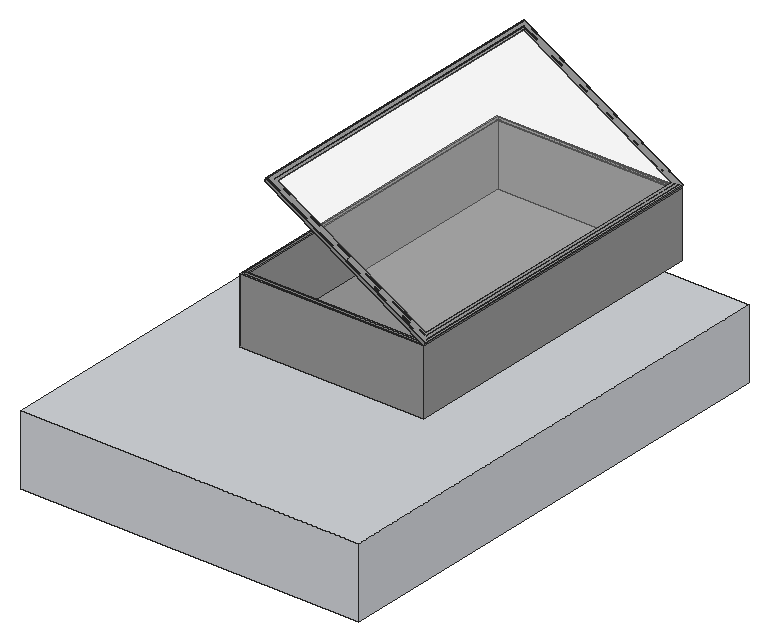
Revit family "Hager-Orion_Inox-IP66-D300-Cl.I-Inox_encl-630A-1400mm-CH-fr", category Equipement électrique, Revit 2020
Family settings
  Hôte = Face
  Configuration du panneau = Deux colonnes, circuits au sein
  Cote de connecteur circulaire = Utiliser le diamètre
  Type d'élément = Tableau de raccordement
  Couper avec des vides une fois chargée = Non
  Partagée = Non
  Point de calcul de pièce = Non
Parameters (values of type "saillie IP66 L800 H1400 P300  - FL049TWL")
  Width Control [instance] = if([EF000008 - largeur] > Min Width, [EF000008 - largeur], Min Width)  # 800 mm
  Commentaires du type = [HG000003 - Gamme]  # "Orion Inox"
  Thickness Door [instance] = if([EF009171 - épaisseur de matériau de la porte/du couvercle] > 3 mm, 3 mm, [EF009171 - épaisseur de matériau de la porte/du couvercle])  # 1.5 mm
  Seal Frame Offset [instance] = 17 mm  # constant formula
  Model = ""
  Min Width [instance] = 100 mm  # constant formula
  Min Height [instance] = 100 mm  # constant formula
  Min Depth [instance] = (2 * [EF009170 - épaisseur de matériau du boîtier]) + 1 mm  # 4 mm
  Internal Frame Depth [instance] = (Door System Depth * 0.5)  # 9 mm
  Height Control [instance] = if([EF000040 - hauteur] > Min Height, [EF000040 - hauteur], Min Height)  # 1400 mm
  HG000027 - Hauteur du socle = 0 mm
  HG000026 - Installation au sol = no
  HG000024 - Hauteur de la section basse = 800 mm
  HG000023 - Armoire double section = no
  HG000016 - Visibilité de la porte 3D [instance] = yes
  HG000015 - Visibilité de l'emprise de la porte [instance] = no
  HG000014 - Porte à droite [instance] = yes
  HG000013 - Porte à gauche [instance] = not([HG000014 - Porte à droite])  # no
  HG000012 - Angle de pivotement de la porte [instance] = 30.00°
  HG000010 - Portes asymétriques = no
  HG000009 - Porte à double battant = no
  HG000006 - Encastré = no
  HG000004 - Référence fabricant = "FL049TWL"
  HG000003 - Gamme = "Orion Inox"
  HG000002 - avec porte = yes
  Frame Offset Bottom [instance] = 10 mm  # constant formula
  Frame Offset [instance] = 15 mm  # constant formula
  EF015940 - couvercle avec décharge de pression = no
  EF011959 - degré de protection (NEMA) = ""
  EF009554 - nombre d'ouvertures pour plaques à bride = 0
  Fabricant = "Hager"  # constant formula
  EF009212 - finition du couvercle = "EV000116 - fermé"
  EF009171 - épaisseur de matériau de la porte/du couvercle = 1.5 mm
  EF009170 - épaisseur de matériau du boîtier = 1.5 mm
  EF008873 - courant nominal (In) = 630 A
  EF007800 - adapté à un parafoudre = no
  EF006306 - avec serrure = yes
  EF006244 - couvercle/porte transparent(e) = yes
  EF005474 - indice de protection (IP) = "EV006422 - IP66"
  EF004464 - type de porte = "EV002646 - unique"
  EF004427 - nombre de modules = 0
  EF004293 - indice de protection contre les chocs (IK) = "EV006814 - IK08"
  EF003532 - convient pour utilisation à l’extérieur = yes
  EF002950 - largeur en nombre de modules = 0
  EF001613 - maintien de fonction = "EV000494 - sans"
  EF001596 - matériau du boîtier/corps = "EV000166 - acier inoxydable"
  EF001131 - profondeur intérieure = 266 mm
  EF001088 - possibilité de montage en saillie = yes
  EF000437 - nombre d'entrées de conduit = 0
  EF000339 - type de capot = "EV004216 - porte"
  EF000266 - nombre de rangées = 0
  EF000218 - profondeur d'encastrement = 0 mm
  EF000118 - avec cadre/support de montage = no
  EF000116 - numéro RAL = ""
  EF000049 - profondeur = 300 mm
  EF000040 - hauteur = 1400 mm
  EF000008 - largeur = 800 mm
  EF000007 - couleur = "EV000154 - autre"
  EF000003 - mode de pose = "EV000384 - saillie"
  Door System Leaf Tolerance [instance] = 1.5 mm  # constant formula
  Door System Depth [instance] = 18 mm  # constant formula
  Depth Control [instance] = if([EF000049 - profondeur] > Min Depth, [EF000049 - profondeur], Min Depth)  # 300 mm
  Default Elevation = 0 mm
Types (4, lengths in mm): name | HG000004 - Référence fabricant | EF006244 - couvercle/porte transparent(e) | EF004293 - indice de protection contre les chocs (IK)
  saillie IP66 L800 H1400 P300  - FL049BW | "FL049BW" | no | "EV008784 - IK10"
  saillie IP66 L800 H1400 P300  - FL049BWL | "FL049BWL" | no | "EV008784 - IK10"
  saillie IP66 L800 H1400 P300  - FL049TW | "FL049TW" | yes | "EV006814 - IK08"
  saillie IP66 L800 H1400 P300  - FL049TWL | "FL049TWL" | yes | "EV006814 - IK08"
Reference planes
  plane 1 "Center (Front/Back)": y = 0
  plane 2: z = 0
  plane 3 "Center (Left/Right)": x = 0
  plane 4: z = 300
  plane 5: y = 1.5
  plane 6: y = 700
  plane 7: y = 0
  plane 8: y = 1400
  plane 9: z = 0
  plane 10: x = -385
  plane 11: x = 385
  plane 12: x = 383.5
  plane 13: x = -383.5
  plane 14: y = 1398.5
  plane 15: x = -383
  plane 16: x = -400
  plane 17: x = 383
  plane 18: x = 400
  plane 19: x = 398.5
  plane 20: x = -398.5
  plane 21: y = 11.5
  plane 22: y = 1400
  plane 23: y = 1383.5
  plane 24: z = 282
  plane 25: z = 1.5
  plane 26: z = 280.5
  plane 27: z = 298.5
Forms (mm)
  Extrusion 1, solid
    sketch origin (0, 0, 0) x (1, 0, 0) y (0, 1, 0)
      loop
        line (-702.964, 1305) -> (-702.964, -811.445) -> (766.763, -811.445) -> (766.763, 1305) -> (-702.964, 1305)
    from 0 to -304.8
  Extrusion 2, solid, material "Hager_Stainless_Steel", detail levels medium+fine
    sketch origin (0, 0, 0) x (1, 0, 0) y (0, 1, 0)
      loop
        line (-400, 0) -> (400, 0) -> (400, 1400) -> (-400, 1400) -> (-400, 0)
    from 0 to 282
  Extrusion 3, solid, material "Hager_Steel_RAL 7035_Light_Grey", not visible, detail levels medium+fine
    sketch origin (0, 28.16, 50.802) x (0, 1, 0) y (0, 0, 1)
      loop
        line (723.34, -50.802) -> (723.34, 237.698)
        arc (723.34, 237.698) -> (720.411, 244.769) -> (713.34, 247.698) r 10
        line (713.34, 247.698) -> (683.34, 247.698) -> (683.34, -50.802) -> (723.34, -50.802)
    from -398.5 to 398.5
  Extrusion 4, void
    sketch origin (0, 0, 0) x (1, 0, 0) y (0, 1, 0)
      loop
        line (-398.5, 1.5) -> (398.5, 1.5) -> (398.5, 1398.5) -> (-398.5, 1398.5) -> (-398.5, 1.5)
    from 1.5 to 280.5
  Extrusion 5, void
    sketch origin (-381.607, -4572, 282) x (0, -1, 0) y (-1, 0, 0)
      loop
        line (-4583.5, 1.893) -> (-5955.5, 1.893) -> (-5955.5, -765.107) -> (-4583.5, -765.107) -> (-4583.5, 1.893)
    from 0 to 1.5 <- "EF009170 - épaisseur de matériau du boîtier"
  Extrusion 6, solid, material "Hager_Stainless_Steel", detail levels fine
    sketch origin (-381.607, -4572, 282) x (-1, 0, 0) y (0, -1, 0)
      loop
        line (1.893, -4583.5) -> (-765.107, -4583.5) -> (-765.107, -5955.5) -> (1.893, -5955.5) -> (1.893, -4583.5)
      loop
        line (2.893, -4582) -> (-766.107, -4582) -> (-766.107, -5957) -> (2.893, -5957) -> (2.893, -4582)
    from 0 to 9 <- "Internal Frame Depth"
  Extrusion 7, solid, material "Hager_Stainless_Steel", detail levels coarse
    sketch origin (0, 0, 0) x (1, 0, 0) y (0, 1, 0)
      loop
        line (-400, 0) -> (400, 0) -> (400, 1400) -> (-400, 1400) -> (-400, 0)
    from 0 to 300
Cuts and joins
  Extrusion 4, Extrusion 5 cuts Extrusion 2
Lines and regions (mm)
  Masking region 1
    outline origin (0, 0, 0) x (1, 0, 0) y (0, 0, 1)
      loop
        line (-400, 300) -> (-400, 0) -> (400, 0) -> (400, 300) -> (-400, 300)
  Masking region 2, detail levels medium+fine
    outline origin (0, 140, 0) x (0, 1, 0) y (0, 0, 1)
      loop
        line (-140, 0) -> (1260, 0) -> (1260, 282) -> (-140, 282) -> (-140, 0)
  Masking region 3, not visible, detail levels medium+fine
    outline origin (0, 297.922, 0) x (0, 1, 0) y (0, 0, 1)
      loop
        line (413.578, 0) -> (453.578, 0) -> (453.578, 288.5)
        arc (453.578, 288.5) -> (450.649, 295.571) -> (443.578, 298.5) r 10
        line (443.578, 298.5) -> (413.578, 298.5) -> (413.578, 0)
  Masking region 4, detail levels coarse
    outline origin (0, 0, 180) x (0, 1, 0) y (0, 0, 1)
      loop
        line (0, -180) -> (1400, -180) -> (1400, 120) -> (0, 120) -> (0, -180)
  Masking region 5
    outline origin (-381.607, -4572, 282) x (-1, 0, 0) y (0, -1, 0)
      loop
        line (18.393, -5972) -> (18.393, -4572) -> (-781.607, -4572) -> (-781.607, -5972) -> (18.393, -5972)
Dimensions and locks
  "Depth Control": plane 4 to Extrusion 1
  "EF009170 - épaisseur de matériau du boîtier": plane 5 to plane 7
  locked: connector elem to plane 3 "Center (Left/Right)"
  equal spacing: plane 8, plane 6, plane 7
  locked: connector elem to plane 6
  "EF009170 - épaisseur de matériau du boîtier": plane 8 to plane 14
  "EF009170 - épaisseur de matériau du boîtier": plane 10 to plane 13
  "EF009170 - épaisseur de matériau du boîtier": plane 12 to plane 11
  "Frame Offset": plane 20 to plane 13
  "Frame Offset": plane 12 to plane 19
  "EF009170 - épaisseur de matériau du boîtier": plane 16 to plane 20
  "EF009170 - épaisseur de matériau du boîtier": plane 19 to plane 18
  "Seal Frame Offset": plane 16 to plane 15
  "Seal Frame Offset": plane 17 to plane 18
  "Frame Offset Bottom": plane 21 to plane 5
  "Frame Offset": plane 14 to plane 23
  equal spacing: plane 16, plane 3 "Center (Left/Right)", plane 18
  "Width Control": plane 16 to plane 18
  "EF009170 - épaisseur de matériau du boîtier": plane 4 to plane 27
  "EF009170 - épaisseur de matériau du boîtier": plane 24 to plane 26
  "EF009170 - épaisseur de matériau du boîtier": plane 25 to level
  "Door System Depth": plane 4 to plane 24
  "Height Control": plane 1 "Center (Front/Back)" to Extrusion 7 sketch curve
  "Height Control": Masking region 4 sketch curve to plane 1 "Center (Front/Back)"
  "Thickness Door": Extrusion 6 sketch curve to plane 15
  "Thickness Door": plane 21 to Extrusion 6 sketch curve
  "Thickness Door": plane 17 to Extrusion 6 sketch curve
  "Thickness Door": Extrusion 6 sketch curve to plane 23
  "Height Control": plane 1 "Center (Front/Back)" to plane 22
  radius of Masking region 3 sketch curve = 10 mm
  radius of Extrusion 3 sketch curve = 10 mm
  aligned and locked: plane 2 to Extrusion 1
  aligned and locked: level to Extrusion 1
  aligned and locked: level to Masking region 1 sketch curve
  aligned and locked: Masking region 1 sketch curve to plane 18
  aligned and locked: Masking region 1 sketch curve to plane 16
  aligned and locked: plane 7 to Masking region 2 sketch curve
  aligned and locked: level to Masking region 3 sketch curve
  aligned and locked: Masking region 3 sketch curve to plane 27
  aligned and locked: level to Masking region 2 sketch curve
  aligned and locked: Extrusion 2 sketch curve to plane 7
  aligned and locked: plane 16 to Extrusion 2 sketch curve
  aligned and locked: plane 18 to Extrusion 2 sketch curve
  aligned and locked: Extrusion 3 sketch curve to level
  aligned and locked: plane 27 to Extrusion 3 sketch curve
  aligned and locked: plane 20 to Extrusion 3
  aligned and locked: plane 19 to Extrusion 3
  aligned and locked: plane 20 to Extrusion 4 sketch curve
  aligned and locked: plane 19 to Extrusion 4 sketch curve
  aligned and locked: Extrusion 4 sketch curve to plane 5
  aligned and locked: Extrusion 4 to plane 25
  aligned and locked: plane 26 to Extrusion 4
  aligned and locked: plane 24 to Extrusion 2
  aligned and locked: Extrusion 5 sketch curve to plane 21
  aligned and locked: Extrusion 5 sketch curve to plane 13
  aligned and locked: Extrusion 5 sketch curve to plane 12
  aligned and locked: plane 18 to Extrusion 7 sketch curve
  aligned and locked: plane 1 "Center (Front/Back)" to Extrusion 7 sketch curve
  aligned and locked: plane 16 to Extrusion 7 sketch curve
  aligned and locked: plane 4 to Extrusion 7
  aligned and locked: Extrusion 7 to level
  aligned and locked: level to Masking region 4 sketch curve
  aligned and locked: Masking region 4 sketch curve to plane 1 "Center (Front/Back)"
  aligned and locked: Masking region 4 sketch curve to plane 4
  aligned and locked: nested 1 to level
  aligned and locked: nested 1 to plane 16
  aligned and locked: plane 8 to Extrusion 2 sketch curve
  aligned and locked: plane 23 to Extrusion 5 sketch curve
  aligned and locked: plane 14 to Extrusion 4 sketch curve
  aligned and locked: Extrusion 6 sketch curve to plane 21
  aligned and locked: plane 13 to Extrusion 6 sketch curve
  aligned and locked: plane 23 to Extrusion 6 sketch curve
  aligned and locked: plane 12 to Extrusion 6 sketch curve
  aligned and locked: Masking region 2 sketch curve to plane 8
  aligned and locked: Masking region 2 sketch curve to plane 24
  aligned and locked: nested 2 to plane 3 "Center (Left/Right)"
  aligned and locked: nested 2 to plane 24
  aligned and locked: Masking region 5 sketch curve to plane 1 "Center (Front/Back)"
  aligned and locked: Masking region 5 sketch curve to plane 18
  aligned and locked: Masking region 5 sketch curve to plane 22
  aligned and locked: Masking region 5 sketch curve to plane 16
  aligned and locked: plane 8 to plane 22
  aligned and locked: plane 7 to plane 1 "Center (Front/Back)"
  aligned and locked: nested 2 to plane 1 "Center (Front/Back)"
Automatic sketch dimensions
  Extrusion 1 sketch curve to Extrusion 1 sketch curve = 1469.727 mm
  Extrusion 1 sketch curve to Extrusion 1 sketch curve = 2116.445 mm
  plane 6 to Masking region 3 sketch curve = 11.5 mm
  Masking region 3 sketch curve to Masking region 3 sketch curve = 30 mm
  plane 6 to Extrusion 3 sketch curve = 11.5 mm
  Extrusion 3 sketch curve to Extrusion 3 sketch curve = 30 mm
  Masking region 1 sketch curve to plane 4 = 0 mm
Nested families
  nested 1: "Hager_Enclosure_Symbol" at (-400, 0, 0) x (1, 0, 0) z (0, -1, 0), Height <- "Depth Control", Width <- "Width Control", type "Hager_Enclosure_Symbol"
    with Width_Ctrl 800 mm, Width 800 mm, Height_Ctrl 300 mm, Height 300 mm, A_Width_Int 19.688 mm, A_Width 236.25 mm, A_Height_Ctrl 262.5 mm, A_Height 262.5 mm
  nested 2: "EC000058_OrionInox_Door" at (0, 1400, 282) x (1, 0, 0) z (0, -1, 0), Leaf_Tolerance <- "Door System Leaf Tolerance", Angle <- "HG000012 - Angle de pivotement de la porte", Door_Depth <- "Door System Depth", Door_Left <- "HG000013 - Porte à gauche", Transparent <- "EF006244 - couvercle/porte transparent(e)", Assymetrical <- "HG000010 - Portes asymétriques", Width <- "Width Control", Clearance <- "HG000015 - Visibilité de l'emprise de la porte", Double <- "HG000009 - Porte à double battant", 3d_Door <- "HG000016 - Visibilité de la porte 3D", Width_Ctrl <- "Width Control", Door_Right <- "HG000014 - Porte à droite", Door <- "HG000002 - avec porte", Height <- "Height Control", Thickness <- "Thickness Door", type "EC000058_OrionInox_Door", detail levels medium+fine
    with min_wh 4 mm, Width_Ctrl 800 mm, Width 800 mm, Transparent yes, Thickness 1.5 mm, Seal_Material Hager_Rubber, Leaf_Width 800 mm, Leaf_Tolerance_External_Sides 0 mm, Leaf_Tolerance 1.5 mm, Leaf_Offset 0 mm, Leaf_Height 1397 mm, Leaf_2_Width 800 mm, Leaf_2_Offset 400 mm, Leaf_1_Width 800 mm, Leaf_1_Offset 400 mm, Height_Ctrl 1400 mm, Height 1400 mm, Glass_Material Hager_Glass, Double_Clearance_Ctrl no, Double no, Door_Right_Ctrl yes, Door_Right yes, Door_Material Hager_Stainless_Steel, Door_Left_Ctrl no, Door_Left no, Door_Depth 18 mm, Door yes, Clearance_Material Hager_Clearance, Clearance_Depth 800 mm, Clearance_Ctrl no, Clearance no, Assymetrical no, Angle 30.00°, 3d_Door yes
Connectors
  electrical at (0, 700, 0)
    settings: on plane 9, index 1, voltage 0 V, apparent load 0 VA, apparent load phase1 0 VA, apparent load phase2 0 VA, apparent load phase3 0 VA, power factor 1, load classification "Other", number of poles 1, system type 30, power factor state 1, is connector primary yes, connector utility no, sub classification motor no, connector description ""
Definition of nested family "EC000058_OrionInox_Door"
  Parameters (values of type "EC000058_OrionInox_Door")
    min_wh [instance] = (2 * Thickness) + 1 mm  # 11 mm
    Width_Ctrl [instance] = 400 mm
    Width [instance] = 500 mm
    Transparent [instance] = yes
    Thickness [instance] = 5 mm
    Seal_Material [instance] = none
    Leaf_Width [instance] = if((Width_Ctrl - 2 * Leaf_Tolerance_External_Sides) > 0 mm, (Width_Ctrl - 2 * Leaf_Tolerance_External_Sides), min_wh)  # 400 mm
    Leaf_Tolerance_External_Sides [instance] = 0 mm  # constant formula
    Leaf_Tolerance [instance] = 1.5 mm
    Leaf_Offset [instance] = 0 mm  # constant formula
    Leaf_Height [instance] = if((Height_Ctrl - 2 * Leaf_Tolerance) > 0 mm, (Height_Ctrl - 2 * Leaf_Tolerance), min_wh)  # 497 mm
    Leaf_2_Width [instance] = if(and(and(Double, Assymetrical), Door_Left), (Leaf_Width / 3) - (Leaf_Tolerance / 2), if(and(and(Double, Assymetrical), Door_Right), (Leaf_Width / 3) * 2 - (Leaf_Tolerance / 2), if(and(Double, not(Assymetrical)), (Leaf_Width / 2) - Leaf_Tolerance, Leaf_Width)))  # 400 mm
    Leaf_2_Offset [instance] = if(and(Double, Assymetrical), Leaf_2_Width / 2, if(and(Double, not(Assymetrical)), Leaf_Width / 4, Leaf_Width / 2))  # 200 mm
    Leaf_1_Width [instance] = if(and(and(Double, Assymetrical), Door_Right), (Leaf_Width / 3) - (Leaf_Tolerance / 2), if(and(and(Double, Assymetrical), Door_Left), (Width / 3) * 2 - (Leaf_Tolerance / 2), if(and(Double, not(Assymetrical)), (Leaf_Width / 2) - Leaf_Tolerance, Leaf_Width)))  # 400 mm
    Leaf_1_Offset [instance] = if(and(Double, Assymetrical), Leaf_1_Width / 2, if(and(Double, not(Assymetrical)), Leaf_Width / 4, Leaf_Width / 2))  # 200 mm
    Height_Ctrl [instance] = if(Height > min_wh, Height, min_wh)  # 500 mm
    Height [instance] = 500 mm
    Glass_Material [instance] = none
    Double_Clearance_Ctrl [instance] = and(Double, Clearance)  # no
    Double [instance] = no
    Door_Right_Ctrl [instance] = and(or(Door_Right, Double), Door)  # yes
    Door_Right [instance] = yes
    Door_Material [instance] = none
    Door_Left_Ctrl [instance] = and(or(Door_Left, Double), Door)  # no
    Door_Left [instance] = no
    Door_Depth [instance] = 30 mm
    Door [instance] = yes
    Default Elevation = 1219.2 mm
    Clearance_Material [instance] = none
    Clearance_Depth [instance] = if(Leaf_1_Width > Leaf_2_Width, Leaf_1_Width, Leaf_2_Width)  # 400 mm
    Clearance_Ctrl [instance] = and(not(Double), Clearance)  # yes
    Clearance [instance] = yes
    Assymetrical [instance] = yes
    Angle [instance] = 30.00°
    3d_Door [instance] = yes
  Reference planes
    plane 1 "Center (Front/Back)": y = 0
    plane 2 "Bottom": z = 0
    plane 3 "Center (Left/Right)": x = 0
    plane 4: z = 500
    plane 5: x = -200
    plane 6: x = 200
    plane 7: z = 500
    plane 8: x = -200
    plane 9: z = 0
    plane 10: x = 200
    plane 11: y = 0
    plane 12: z = 1.5
    plane 13: x = -600
    plane 14: y = -400
    plane 15: x = 600
    plane 16: x = 0
    plane 17: x = 0
    plane 18: x = -200
    plane 19: x = 200
    plane 20: z = 498.5
  Forms (mm)
    Extrusion 1, solid, material <- "Clearance_Material", visible <- "Double_Clearance_Ctrl"
      sketch origin (1200, 0, 0) x (1, 0, 0) y (0, 0, -1)
        loop
          line (-1800, -498.5) -> (-600, -498.5) -> (-600, 0) -> (-1800, 0) -> (-1800, -498.5)
      from 0 to -400
  Dimensions and locks
    equal spacing: plane 5, plane 3 "Center (Left/Right)", plane 6
    "Width_Ctrl": plane 5 to plane 6
    "Leaf_Offset": plane 5 to plane 8
    "Leaf_Offset": plane 6 to plane 10
    "Leaf_Offset": plane 9 to level
    "Leaf_Offset": plane 4 to plane 7
    "Height_Ctrl": plane 4 to level
    "Leaf_Tolerance": plane 12 to plane 9
    locked: plane 11 to plane 1 "Center (Front/Back)"
    "Leaf_1_Offset": plane 18 to plane 16
    "Leaf_2_Offset": plane 17 to plane 19
    "Leaf_1_Width": plane 13 to plane 8
    "Leaf_2_Width": plane 10 to plane 15
    "Clearance_Depth": plane 14 to plane 1 "Center (Front/Back)"
    "Leaf_Tolerance_External_Sides": plane 8 to plane 18
    "Leaf_Tolerance_External_Sides": plane 19 to plane 10
    "Leaf_Tolerance": plane 7 to plane 20
    aligned and locked: level to plane 2 "Bottom"
    aligned and locked: nested 1 to plane 16
    aligned and locked: nested 2 to plane 17
    aligned and locked: Extrusion 1 to plane 13
    aligned and locked: plane 15 to Extrusion 1
    aligned and locked: Extrusion 1 to plane 14
    aligned and locked: plane 12 to nested 1
    aligned and locked: nested 2 to plane 12
    aligned and locked: Extrusion 1 to plane 11
    aligned and locked: plane 20 to Extrusion 1
    aligned and locked: nested 2 to plane 11
    aligned and locked: nested 1 to plane 11
  Automatic sketch dimensions
    Extrusion 1 sketch curve to level = 0 mm
    plane 5 to Extrusion 1 sketch curve = 400 mm
    plane 6 to Extrusion 1 sketch curve = 400 mm
    Extrusion 1 sketch curve to plane 4 = 1.5 mm
  Nested families
    nested 1: "EC000058_OrionInox_Door_Leaf" at (0, 0, 1.5), Width <- "Leaf_1_Width", visible <- "Door_Left_Ctrl", Leaf_Height <- "Leaf_Height", Angle <- "Angle", 3d_Door <- "3d_Door", Transparent <- "Transparent", Clearance Material <- "Clearance_Material", Clearance <- "Clearance_Ctrl", Door_Material <- "Door_Material", Glass_Material <- "Glass_Material", Door_Depth <- "Door_Depth", Seal_Material <- "Seal_Material", Thickness <- "Thickness", type "EC000058_OrionInox_Door_Leaf"
      with Width 400 mm, Transparent_Ctrl yes, Transparent yes, Thickness 5 mm, Standard no, Seal_Material none, Seal_D2 8 mm, Seal_D1 1 mm, Offset_Internal_Frame 10 mm, Lock_Width 28 mm, Lock_Thickness 2 mm, Lock_Radius 6 mm, Leaf_Height 497 mm, Internal_Seal_Thickness 8 mm, Internal_Seal_Depth_2 4.5 mm, Internal_Frame_Depth 25 mm, Glass_Thickness -1 mm, Glass_Offset -2 mm, Glass_Material none, Door_Material none, Door_Depth 30 mm, Clearance Material none, Clearance yes, Angle_Ctrl 30.00°, Angle 30.00°, 3d_Door yes
    nested 2: "EC000058_OrionInox_Door_Leaf" at (0, 0, 1.5) x (-1, 0, 0) z (0, 0, 1), Width <- "Leaf_2_Width", visible <- "Door_Right_Ctrl", Leaf_Height <- "Leaf_Height", Angle <- "Angle", 3d_Door <- "3d_Door", Transparent <- "Transparent", Clearance Material <- "Clearance_Material", Clearance <- "Clearance_Ctrl", Door_Material <- "Door_Material", Glass_Material <- "Glass_Material", Door_Depth <- "Door_Depth", Seal_Material <- "Seal_Material", Thickness <- "Thickness", type "EC000058_OrionInox_Door_Leaf"
      with Width 400 mm, Transparent_Ctrl yes, Transparent yes, Thickness 5 mm, Standard no, Seal_Material none, Seal_D2 8 mm, Seal_D1 1 mm, Offset_Internal_Frame 10 mm, Lock_Width 28 mm, Lock_Thickness 2 mm, Lock_Radius 6 mm, Leaf_Height 497 mm, Internal_Seal_Thickness 8 mm, Internal_Seal_Depth_2 4.5 mm, Internal_Frame_Depth 25 mm, Glass_Thickness -1 mm, Glass_Offset -2 mm, Glass_Material none, Door_Material none, Door_Depth 30 mm, Clearance Material none, Clearance yes, Angle_Ctrl 30.00°, Angle 30.00°, 3d_Door yes
  Definition of nested family "EC000058_OrionInox_Door_Leaf"
    Parameters (values of type "EC000058_OrionInox_Door_Leaf")
      Width [instance] = 450 mm
      Transparent_Ctrl [instance] = and(Transparent, [3d_Door])  # yes
      Transparent [instance] = yes
      Thickness [instance] = 5 mm
      Standard [instance] = and(not(Transparent), [3d_Door])  # no
      Seal_Material [instance] = none
      Seal_D2 [instance] = 8 mm  # constant formula
      Seal_D1 [instance] = 1 mm  # constant formula
      Offset_Internal_Frame [instance] = 10 mm  # constant formula
      Lock_Width [instance] = Door_Depth - Lock_Thickness  # 28 mm
      Lock_Thickness [instance] = 2 mm  # constant formula
      Lock_Radius [instance] = 6 mm  # constant formula
      Leaf_Height [instance] = 450 mm
      Internal_Seal_Thickness [instance] = 8 mm  # constant formula
      Internal_Seal_Depth_2 [instance] = 4.5 mm  # constant formula
      Internal_Frame_Depth [instance] = if(Door_Depth - Thickness > 5 mm, Door_Depth - Thickness, 5 mm)  # 25 mm
      Glass_Thickness [instance] = if(Thickness > 15 mm, Glass_Offset + 10 mm, -1 mm)  # -1 mm
      Glass_Offset [instance] = if(Thickness > 15 mm, -(Thickness + 10 mm) / 2, -2 mm)  # -2 mm
      Glass_Material [instance] = none
      Door_Material [instance] = none
      Door_Depth [instance] = 30 mm
      Default Elevation = 0 mm
      Clearance Material [instance] = none
      Clearance [instance] = yes
      Angle_Ctrl [instance] = if(Angle > 180.00°, 180.00°, Angle)  # 90.00°
      Angle [instance] = 90.00°
      3d_Door [instance] = yes
    Reference planes
      plane 1 "Center (Front/Back)": y = 0
      plane 2: z = 0
      plane 3 "Center (Left/Right)": x = 0
      plane 4: y = 450
      plane 5: x = -225
      plane 6: x = 225
      plane 7: x = -675
      plane 8: z = 450
      plane 9: z = 30
      plane 10: z = 420
      plane 11: x = 195
      plane 12: x = -195
      plane 13: y = -3
      plane 14: z = 107.833
      plane 15: y = -5
      plane 16: y = -223.314
      plane 17: x = -225
      plane 18: y = 30
    Forms (mm)
      Extrusion 1, solid, material <- "Clearance Material", visible <- "Clearance"
        sketch origin (0, 0, 0) x (1, 0, 0) y (0, 0, 1)
          loop
            line (-675, 450) -> (-675, 0) -> (225, 0) -> (225, 450) -> (-675, 450)
        from 0 to -450
      Extrusion 2, solid, material <- "Door_Material", visible <- "Standard", detail levels medium+fine
        sketch origin (-225, 0, 0) x (0, 1, 0) y (-1, 0, 0)
          loop
            line (0, 30) -> (0, 25) -> (450, 25) -> (450, 30) -> (0, 30)
        from 0 to 450 <- "Leaf_Height"
      Extrusion 3, solid, material <- "Door_Material", visible <- "Transparent_Ctrl", detail levels medium+fine
        sketch origin (-225, 0, 0) x (0, 1, 0) y (-1, 0, 0)
          loop
            line (0, 25) -> (450, 25) -> (450, 30) -> (0, 30) -> (0, 25)
        from 0 to 450 <- "Leaf_Height"
      Extrusion 4, void
        sketch origin (-250, 450, 0) x (0, 1, 0) y (0, 0, -1)
          loop
            line (-30, -420) -> (-30, -30) -> (-420, -30) -> (-420, -420) -> (-30, -420)
        from 0 to 5 <- "Thickness"
      Sweep 5, solid, material <- "Seal_Material", visible <- "Transparent_Ctrl", detail levels fine
        path in 3D
          loop
            line (-250, 30, 30) -> (-250, 30, 420) -> (-250, 420, 420) -> (-250, 420, 30) -> (-250, 30, 30)
        profile origin (-250, 225, 30) x (1, 0, 0) y (0, 0, 1)
          loop
            line (0, 0) -> (0, -8) -> (1, -8) -> (1, 0) -> (0, 0)
      Extrusion 6, solid, material <- "Glass_Material", visible <- "Transparent_Ctrl", detail levels medium+fine
        sketch origin (-255, 0, 0) x (0, 1, 0) y (0, 0, -1)
          loop
            line (420, -420) -> (420, -30) -> (30, -30) -> (30, -420) -> (420, -420)
        from -2 <- "Glass_Offset" to -1 <- "Glass_Thickness"
      Extrusion 7, solid, material <- "Door_Material", visible <- "3d_Door", detail levels medium+fine
        sketch origin (-250, 450, 0) x (0, -1, 0) y (0, 0, -1)
          loop
            line (0, -450) -> (450, -450) -> (450, 0) -> (0, 0) -> (0, -450)
          loop
            line (445, -5) -> (5, -5) -> (5, -445) -> (445, -445) -> (445, -5)
        from 0 to 25 <- "Internal_Frame_Depth"
      Sweep 8, solid, material <- "Seal_Material", visible <- "Transparent_Ctrl", detail levels fine
        path in 3D
          loop
            line (-250, 0, 0) -> (-250, 450, 0) -> (-250, 450, 450) -> (-250, 0, 450) -> (-250, 0, 0)
        profile origin (-250, 0, 225) x (1, 0, 0) y (0, 1, 0)
          loop
            line (0, 10) -> (2.975, 10)
            arc (2.975, 10) -> (4.053, 10.447) -> (4.5, 11.525) r 1.525
            line (4.5, 11.525) -> (4.5, 16.527)
            arc (4.5, 16.527) -> (4.069, 17.569) -> (3.027, 18) r 1.473
            line (3.027, 18) -> (0, 18) -> (0, 10)
    Cuts and joins
      Extrusion 4 cuts Extrusion 3
    Lines and regions (mm)
      Masking region 1, detail levels medium+fine
        outline origin (0, 0, 0) x (0, 1, 0) y (0, 0, 1)
          loop
            line (0, 0) -> (30, 0) -> (30, 450) -> (0, 450) -> (0, 0)
      Masking region 2, detail levels medium+fine
        outline origin (0, 0, 0) x (1, 0, 0) y (0, 0, 1)
          loop
            line (-225, 450) -> (-225, 0) -> (225, 0) -> (225, 450) -> (-225, 450)
      symbolic lines
        curve 1: line (225, 0, 0) -> (-675, 0, 0)
        curve 2: arc (225, 0, 0) -> (-225, 450, 0) -> (-675, 0, 0) r 450
        curve 4: line (-255, 0, 0) -> (-255, 450, 0)
      reference lines
        curve 3: line (-225, 0, 0) -> (-225, 450, 0)
      symbolic lines, detail levels medium+fine
        curve 5: line (-255, 450, 0) -> (-250, 450, 0)
        curve 7: line (-250, 0, 0) -> (-255, 0, 0)
        curve 8: line (-250, 0, 0) -> (-225, 0, 0)
        curve 9: line (-225, 0, 0) -> (-225, 450, 0)
        curve 10: line (-225, 450, 0) -> (-250, 450, 0)
      symbolic lines, detail levels fine
        curve 6: line (-250, 450, 0) -> (-250, 0, 0)
      sketch lines
        curve 11: line (-250, 0, 450) -> (-250, 0, 0)
        curve 12: line (-250, 450, 0) -> (-250, 0, 0)
        curve 13: line (-250, 450, 450) -> (-250, 450, 0)
        curve 14: line (-250, 0, 450) -> (-250, 450, 450)
        curve 15: line (-250, 420, 30) -> (-250, 30, 30)
        curve 16: line (-250, 30, 30) -> (-250, 30, 420)
        curve 17: line (-250, 420, 420) -> (-250, 420, 30)
        curve 18: line (-250, 30, 420) -> (-250, 420, 420)
      symbolic lines, visible <- "Transparent", detail levels medium+fine
        curve 19: line (-195, 0, 420) -> (195, 0, 420)
        curve 20: line (-195, 0, 30) -> (-195, 0, 420)
        curve 21: line (195, 0, 30) -> (-195, 0, 30)
        curve 22: line (195, 0, 420) -> (195, 0, 30)
    Dimensions and locks
      "Width": plane 1 "Center (Front/Back)" to plane 4
      equal spacing: plane 5, plane 3 "Center (Left/Right)", plane 6
      "Width": plane 5 to plane 6
      "Width": plane 7 to plane 5
      "Leaf_Height": plane 8 to level
      "Width": curve 5 to curve 3
      "Width": curve 3 to curve 3
      plane 8 to plane 10 = 30 mm
      plane 9 to level = 30 mm
      plane 12 to plane 5 = 30 mm
      plane 6 to plane 11 = 30 mm
      Extrusion 4 sketch curve to Extrusion 3 = 30 mm
      Extrusion 3 to Extrusion 4 sketch curve = 30 mm
      Extrusion 1 to Extrusion 4 sketch curve = 30 mm
      curve 3 to Extrusion 4 sketch curve = 30 mm
      Extrusion 4 sketch curve to cut or joined group of Extrusion 3, Extrusion 4 = 30 mm
      cut or joined group of Extrusion 3, Extrusion 4 to Extrusion 6 sketch curve = 30 mm
      cut or joined group of Extrusion 3, Extrusion 4 to Extrusion 4 sketch curve = 30 mm
      "Thickness": curve 6 to curve 4
      "Thickness": Extrusion 7 sketch curve to Extrusion 7 sketch curve  (x4)
      "Door_Depth": curve 4 to curve 3
      "Offset_Internal_Frame": profile plane to Sweep 8 sketch curve
      "Internal_Seal_Thickness": Sweep 8 sketch curve to Sweep 8 sketch curve
      "Internal_Seal_Depth_2": profile plane to Sweep 8 sketch curve
      "Seal_D1": profile plane to Sweep 5 sketch curve
      "Seal_D2": profile plane to Sweep 5 sketch curve
      "Thickness": Extrusion 2 sketch curve to Extrusion 2 sketch curve
      "Door_Depth": plane 18 to plane 1 "Center (Front/Back)"
      radius of Sweep 8 sketch curve = 1.525 mm
      radius of Sweep 8 sketch curve = 1.473 mm
      "Angle_Ctrl": angle plane 1 "Center (Front/Back)" to curve 3
      aligned and locked: level to plane 2
      aligned and locked: Extrusion 1 to curve 1
      aligned and locked: plane 6 to Extrusion 1
      aligned and locked: plane 1 "Center (Front/Back)" to Extrusion 1
      aligned and locked: plane 4 to Extrusion 1
      aligned and locked: plane 8 to Extrusion 1
      aligned and locked: curve 7 to Extrusion 2 sketch curve
      aligned and locked: curve 5 to Extrusion 2 sketch curve
      aligned and locked: curve 7 to Extrusion 3 sketch curve
      aligned and locked: Extrusion 3 sketch curve to curve 4
      aligned and locked: Extrusion 3 sketch curve to curve 6
      aligned and locked: Extrusion 3 sketch curve to curve 5
      aligned and locked: curve 9 to curve 3
      aligned and locked: Extrusion 7 sketch curve to cut or joined group of Extrusion 3, Extrusion 4  (x4)
      aligned and locked: plane 17 to curve 3
      aligned and locked: plane 1 "Center (Front/Back)" to curve 3
      aligned and locked: plane 17 to plane 5
      aligned and locked: Sweep 8 sketch curve to profile plane
      aligned and locked: Sweep 5 sketch curve to profile plane  (x2)
      aligned and locked: plane 1 "Center (Front/Back)" to Masking region 1 sketch curve
      aligned and locked: plane 18 to Masking region 1 sketch curve
      aligned and locked: level to Masking region 1 sketch curve
      aligned and locked: Masking region 1 sketch curve to plane 8
      aligned and locked: plane 17 to Masking region 2 sketch curve
      aligned and locked: level to Masking region 2 sketch curve
      aligned and locked: Masking region 2 sketch curve to plane 8
      aligned and locked: plane 12 to curve 20
      aligned and locked: plane 10 to curve 19
      aligned and locked: plane 11 to curve 22
      aligned and locked: plane 9 to curve 21
      aligned and locked: Extrusion 2 sketch curve to cut or joined group of Extrusion 3, Extrusion 4
    Automatic sketch dimensions
      plane 1 "Center (Front/Back)" to curve 2 = 0 mm
      curve 2 to plane 5 = 0 mm
      Extrusion 1 sketch curve to level = 0 mm
      Extrusion 1 sketch curve to plane 7 = 0 mm
      Extrusion 1 sketch curve to plane 6 = 0 mm
      Extrusion 1 sketch curve to plane 8 = 0 mm
      Extrusion 3 to Extrusion 6 sketch curve = 30 mm  (x4)
      Masking region 2 sketch curve to plane 6 = 0 mm
      curve 4 to curve 3 = 0 mm
Definition of nested family "Hager_Enclosure_Symbol"
  Parameters (values of type "Hager_Enclosure_Symbol")
    Width_Ctrl [instance] = if(Width > 1 mm, Width, 1 mm)  # 102.27 mm
    Width [instance] = 102.27 mm
    Height_Ctrl [instance] = if(Height > 1 mm, Height, 1 mm)  # 66.5 mm
    A_Width_Int [instance] = if(A_Width / 12 > 2 mm, A_Width / 12, 2 mm)  # 4.364 mm
    A_Width [instance] = if(A_Height_Ctrl * 0.9 > 2 mm, A_Height_Ctrl * 0.9, 2 mm)  # 52.369 mm
    A_Height_Ctrl [instance] = if(A_Height > 2 mm, A_Height, 2 mm)  # 58.188 mm
    Height [instance] = 66.5 mm
    A_Height [instance] = Height - (Height / 8)  # 58.188 mm
  Reference planes
    plane 1 "Centre (avant/arrière)": y = 0
    plane 2: z = 0
    plane 3 "Centre (gauche/droite)": x = 0
    plane 4: x = 52.369
    plane 5: y = 33.042
    plane 6: y = 41.77
    plane 7: y = 66.5
    plane 8: x = 26.184
    plane 9: y = 37.406
    plane 10: x = 102.27
    plane 11: y = 66.5
    plane 12: y = 8.313
  Lines and regions (mm)
    Filled region 1, type "Solid_Black", in view "Niveau de réf."
      outline origin (0, 0, 0) x (1, 0, 0) y (0, 1, 0)
        loop
          line (52.369, 66.5) -> (33.188, 54.536) -> (45.365, 45.006) -> (52.369, 66.5)
    Filled region 2, type "Solid_Black", in view "Niveau de réf."
      outline origin (0, 0, 0) x (1, 0, 0) y (0, 1, 0)
        loop
          line (0, 0) -> (102.27, 0) -> (102.27, 66.5) -> (0, 0)
    detail lines, in view "Niveau de réf."
      curve 1: line (0, 8.313, 0) -> (26.184, 41.77, 0)
      curve 2: line (26.184, 41.77, 0) -> (26.184, 33.042, 0)
      curve 3: line (26.184, 33.042, 0) -> (52.369, 66.5, 0)
  Dimensions and locks
    "A_Width": plane 3 "Centre (gauche/droite)" to plane 4
    equal spacing: plane 3 "Centre (gauche/droite)", plane 8, plane 4
    equal spacing: plane 6, plane 9, plane 5
    equal spacing: curve 3, Filled region 1 sketch curve, Filled region 1 sketch curve
    "Height_Ctrl": plane 1 "Centre (avant/arrière)" to plane 11
    "A_Height_Ctrl": plane 11 to plane 12
    equal spacing: plane 11, plane 9, plane 12
    "A_Width_Int": plane 6 to plane 9
    "Width_Ctrl": plane 3 "Centre (gauche/droite)" to plane 10
    angle Filled region 1 sketch curve to curve 3 = 20.00°
    angle curve 3 to Filled region 1 sketch curve = 20.00°
    locked: curve 3 to Filled region 1 sketch curve (angle 90.00°)
    aligned and locked: plane 10 to Filled region 2
    aligned and locked: plane 11 to Filled region 2 sketch curve
    aligned and locked: plane 10 to Filled region 2 sketch curve
    aligned and locked: plane 3 "Centre (gauche/droite)" to curve 1
    aligned and locked: plane 12 to curve 1
    aligned and locked: plane 7 to plane 11
  Automatic sketch dimensions
    Filled region 1 sketch curve to plane 4 = 0 mm
    Filled region 1 sketch curve to plane 7 = 0 mm
    plane 1 "Centre (avant/arrière)" to Filled region 2 sketch curve = 0 mm
    Filled region 2 sketch curve to plane 3 "Centre (gauche/droite)" = 0 mm
    curve 2 to plane 6 = 0 mm
    curve 2 to plane 8 = 0 mm
    curve 3 to plane 4 = 0 mm
    curve 2 to plane 5 = 0 mm
    curve 3 to plane 7 = 0 mm
